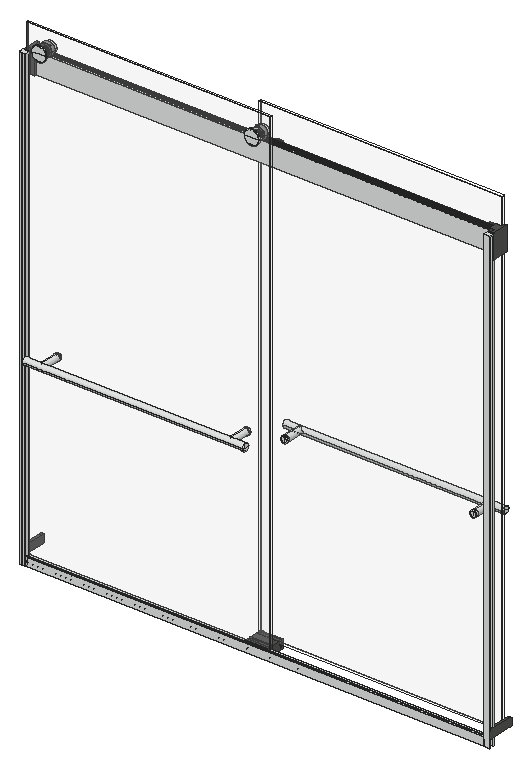
Revit family "Shower-Shower_Door-KOHLER-Levity_Plus-K-702426_1", category Specialty Equipment, host Face, Revit 2022 (continued)
Definition of nested family "K-702426"
  Dimensions and locks (in)
    aligned and locked: curve 100 to Revolve 19
    aligned and locked: curve 101 to Revolve 19
    aligned and locked: curve 92 to Masking region 4
    aligned and locked: curve 132 to Revolve 6
    aligned and locked: curve 133 to plane 28
    aligned and locked: curve 135 to Revolve 6
    aligned and locked: Masking region 3 to curve 95
    aligned and locked: curve 142 to Masking region 3
    aligned and locked: Masking region 3 to curve 143
    aligned and locked: Masking region 3 to curve 149
    aligned and locked: curve 159 to Masking region 3
    aligned and locked: Masking region 3 to curve 162  (x2)
    aligned and locked: curve 168 to Masking region 3
    aligned and locked: Revolve 29 sketch curve to Revolve 27  (x2)
    aligned and locked: Masking region 4 sketch curve to Extrusion 17
    aligned and locked: Masking region 4 to curve 181
    aligned and locked: Masking region 4 to curve 180
    aligned and locked: curve 181 to Masking region 4
    aligned and locked: curve 180 to Masking region 4
  Automatic sketch dimensions
    Extrusion 1 sketch curve to plane 5 = 0"
    Extrusion 1 sketch curve to Extrusion 1 sketch curve = 0.03079"
    plane 5 to Extrusion 1 sketch curve = 0.0315"
    Extrusion 1 sketch curve to Extrusion 1 sketch curve = 0.2541"
    Extrusion 1 sketch curve to Extrusion 1 sketch curve = 0.25668"
    plane 5 to Extrusion 1 sketch curve = 81/256"
    Extrusion 1 sketch curve to Extrusion 1 sketch curve = 0.0315"  (x2)
    Extrusion 1 sketch curve to Extrusion 1 sketch curve = 0.60218"
    Extrusion 1 sketch curve to Extrusion 1 sketch curve = 0.03039"
    Extrusion 1 sketch curve to plane 1 "Center (Front/Back)" = 0.35413"
    Extrusion 1 sketch curve to Extrusion 1 sketch curve = 0.47171"
    Extrusion 1 sketch curve to Extrusion 1 sketch curve = 1.10192"
    Extrusion 1 sketch curve to Extrusion 1 sketch curve = 0.00743"
    Extrusion 1 sketch curve to Extrusion 1 sketch curve = 0.34229"
    Extrusion 2 sketch curve to plane 5 = 0"  (x2)
    plane 1 "Center (Front/Back)" to Extrusion 2 sketch curve = 0"  (x2)
    plane 5 to Extrusion 2 sketch curve = 0.05752"  (x2)
    plane 5 to Extrusion 2 sketch curve = 0.18908"
    Extrusion 2 sketch curve to Extrusion 2 sketch curve = 0.04131"
    Extrusion 2 sketch curve to Extrusion 2 sketch curve = 0.09136"
    Extrusion 2 sketch curve to Extrusion 2 sketch curve = 0.19461"  (x2)
    Extrusion 2 sketch curve to Extrusion 2 sketch curve = 0.14115"  (x2)
    plane 1 "Center (Front/Back)" to Extrusion 2 sketch curve = 0.32797"
    Extrusion 2 sketch curve to Extrusion 2 sketch curve = 0.00361"  (x2)
    Extrusion 2 sketch curve to Extrusion 2 sketch curve = 0.10339"
    plane 1 "Center (Front/Back)" to Extrusion 2 sketch curve = 0.30702"
    Extrusion 2 sketch curve to Extrusion 2 sketch curve = 0.03454"  (x2)
    Extrusion 2 sketch curve to Extrusion 2 sketch curve = 0.01994"  (x2)
    Extrusion 2 sketch curve to Extrusion 2 sketch curve = 0.04271"  (x2)
    Extrusion 2 sketch curve to Extrusion 2 sketch curve = 0.06265"
    Extrusion 2 sketch curve to plane 1 "Center (Front/Back)" = 0.20982"
    Extrusion 2 sketch curve to Extrusion 2 sketch curve = 0"
    Extrusion 2 sketch curve to plane 1 "Center (Front/Back)" = 0.22464"
    Extrusion 3 sketch curve to plane 5 = 0"
    Extrusion 3 sketch curve to Extrusion 3 sketch curve = 0.05752"  (x2)
    plane 1 "Center (Front/Back)" to Extrusion 3 sketch curve = 0.32797"
    Extrusion 3 sketch curve to Extrusion 3 sketch curve = 0.59999"  (x2)
    Extrusion 3 sketch curve to Extrusion 3 sketch curve = 0.00361"  (x2)
    Extrusion 3 sketch curve to Extrusion 3 sketch curve = 0.10339"
    plane 1 "Center (Front/Back)" to Extrusion 3 sketch curve = 0.30702"
    Extrusion 3 sketch curve to Extrusion 3 sketch curve = 0.05449"  (x2)
    Extrusion 3 sketch curve to plane 1 "Center (Front/Back)" = 0.22464"
    Extrusion 3 sketch curve to plane 1 "Center (Front/Back)" = 0.25253"
    plane 1 "Center (Front/Back)" to Extrusion 4 sketch curve = 0.20982"
    Extrusion 4 sketch curve to Extrusion 4 sketch curve = 0.01972"
    Extrusion 4 sketch curve to Extrusion 4 sketch curve = 0.25882"
    level to Extrusion 4 sketch curve = 1.05663"
    Extrusion 4 sketch curve to Extrusion 4 sketch curve = 0.57809"
    Extrusion 5 sketch curve to level = 0"
    Extrusion 5 sketch curve to plane 1 "Center (Front/Back)" = 0"
    plane 1 "Center (Front/Back)" to Extrusion 5 sketch curve = 0.19878"
    Extrusion 5 sketch curve to plane 1 "Center (Front/Back)" = 3/128"
    Extrusion 5 sketch curve to Extrusion 5 sketch curve = 0.04434"
    Extrusion 5 sketch curve to Extrusion 5 sketch curve = 0.04019"
    Extrusion 5 sketch curve to Extrusion 5 sketch curve = 0.07819"
    Extrusion 5 sketch curve to Extrusion 5 sketch curve = 0.0297"
    Extrusion 5 sketch curve to Extrusion 5 sketch curve = 0.02696"
    level to Extrusion 5 sketch curve = 0.07959"
    Extrusion 5 sketch curve to plane 1 "Center (Front/Back)" = 0.14319"
    Extrusion 5 sketch curve to Extrusion 5 sketch curve = 0.05652"
    Extrusion 5 sketch curve to Extrusion 5 sketch curve = 0.06857"
    Extrusion 5 sketch curve to Extrusion 5 sketch curve = 0.02971"
    Extrusion 5 sketch curve to Extrusion 5 sketch curve = 0.03753"
    Extrusion 5 sketch curve to Extrusion 5 sketch curve = 0.02998"
    Extrusion 5 sketch curve to Extrusion 5 sketch curve = 45/128"
    Extrusion 5 sketch curve to Extrusion 5 sketch curve = 0.34333"
    Extrusion 5 sketch curve to Extrusion 5 sketch curve = 0.07224"
    Extrusion 5 sketch curve to Extrusion 5 sketch curve = 0.01101"
    Extrusion 5 sketch curve to Extrusion 5 sketch curve = 15/128"
    Extrusion 5 sketch curve to Extrusion 5 sketch curve = 0.50603"
    Extrusion 5 sketch curve to Extrusion 5 sketch curve = 0.00157"
    Extrusion 5 sketch curve to Extrusion 5 sketch curve = 0.02425"
    Extrusion 5 sketch curve to Extrusion 5 sketch curve = 0.01999"
    Extrusion 5 sketch curve to Extrusion 5 sketch curve = 0.04542"
    Extrusion 5 sketch curve to Extrusion 5 sketch curve = 0.01816"
    Revolve 6 sketch curve to plane 12 = 0"  (x2)
    Revolve 6 sketch curve to plane 1 "Center (Front/Back)" = 1.79905"
    Revolve 6 sketch curve to Revolve 6 sketch curve = 0.36643"
    Revolve 6 sketch curve to Revolve 6 sketch curve = 0.18701"  (x2)
    Revolve 6 sketch curve to Revolve 6 sketch curve = 0.13646"
    Revolve 6 sketch curve to Revolve 6 sketch curve = 0.19685"  (x2)
    Revolve 6 sketch curve to Revolve 6 sketch curve = 0.312"
    Revolve 6 sketch curve to plane 1 "Center (Front/Back)" = 0.06827"
    Revolve 6 sketch curve to plane 1 "Center (Front/Back)" = 0.02811"
    plane 1 "Center (Front/Back)" to Revolve 6 sketch curve = 0.09751"
    Revolve 6 sketch curve to Revolve 6 sketch curve = 0.04293"
    plane 12 to Revolve 6 sketch curve = 0.4638"
    plane 12 to Revolve 6 sketch curve = 0.47661"
    Revolve 6 sketch curve to Revolve 6 sketch curve = 0.05951"
    Revolve 6 sketch curve to Revolve 6 sketch curve = 0.21742"
    Revolve 6 sketch curve to Revolve 6 sketch curve = 0.26917"
    Revolve 6 sketch curve to Revolve 6 sketch curve = 0.05219"
    Revolve 6 sketch curve to Revolve 6 sketch curve = 0.23207"
    Revolve 6 sketch curve to Revolve 6 sketch curve = 0.00276"
    Revolve 6 sketch curve to Revolve 6 sketch curve = 0.04017"
    Revolve 6 sketch curve to Revolve 6 sketch curve = 0.98425"
    Revolve 6 sketch curve to Revolve 6 sketch curve = 0"
    Revolve 7 sketch curve to plane 11 = 0"  (x2)
    Revolve 7 sketch curve to plane 1 "Center (Front/Back)" = 1.79905"
    Revolve 7 sketch curve to Revolve 7 sketch curve = 0.36643"
    Revolve 7 sketch curve to Revolve 7 sketch curve = 0.18701"  (x2)
    Revolve 7 sketch curve to Revolve 7 sketch curve = 0.13646"
    Revolve 7 sketch curve to Revolve 7 sketch curve = 0.19685"  (x2)
    Revolve 7 sketch curve to Revolve 7 sketch curve = 0.35769"
    Revolve 7 sketch curve to plane 1 "Center (Front/Back)" = 0.06827"
    Revolve 7 sketch curve to plane 1 "Center (Front/Back)" = 0.02811"
    plane 1 "Center (Front/Back)" to Revolve 7 sketch curve = 0.09751"
    Revolve 7 sketch curve to Revolve 7 sketch curve = 0.04293"
    plane 11 to Revolve 7 sketch curve = 0.4638"
    plane 11 to Revolve 7 sketch curve = 0.47661"
    Revolve 7 sketch curve to Revolve 7 sketch curve = 0.05951"
    Revolve 7 sketch curve to Revolve 7 sketch curve = 0.21742"
    Revolve 7 sketch curve to Revolve 7 sketch curve = 0.26917"
    Revolve 7 sketch curve to Revolve 7 sketch curve = 0.05219"
    Revolve 7 sketch curve to Revolve 7 sketch curve = 0.23207"
    Revolve 7 sketch curve to Revolve 7 sketch curve = 0.00276"
    Revolve 7 sketch curve to Revolve 7 sketch curve = 0.04017"
    Revolve 7 sketch curve to Revolve 7 sketch curve = 0.98425"
    Revolve 7 sketch curve to Revolve 7 sketch curve = 0"
    Extrusion 8 sketch curve to plane 8 = 0"
    Extrusion 8 sketch curve to plane 9 = 0"  (x2)
    Extrusion 8 sketch curve to plane 1 "Center (Front/Back)" = 0.97838"
    Extrusion 8 sketch curve to plane 9 = 0.01983"
    Extrusion 8 sketch curve to Extrusion 8 sketch curve = 0.04771"
    Extrusion 8 sketch curve to plane 9 = 0.17086"
    Extrusion 8 sketch curve to Extrusion 8 sketch curve = 0.19946"
    Extrusion 8 sketch curve to Extrusion 8 sketch curve = 0.06749"
    Extrusion 8 sketch curve to Extrusion 8 sketch curve = 0.07625"
    Extrusion 8 sketch curve to plane 9 = 0.09209"
    Extrusion 8 sketch curve to Extrusion 8 sketch curve = 0.10945"
    Extrusion 8 sketch curve to Extrusion 8 sketch curve = 0.00724"
    Extrusion 8 sketch curve to Extrusion 8 sketch curve = 0.01781"
    Extrusion 8 sketch curve to Extrusion 8 sketch curve = 0.07472"
    plane 8 to Extrusion 8 sketch curve = 0.24844"
    Extrusion 8 sketch curve to Extrusion 8 sketch curve = 0.26709"
    Extrusion 8 sketch curve to Extrusion 8 sketch curve = 0.25238"
    Extrusion 8 sketch curve to Extrusion 8 sketch curve = 0.11432"
    Extrusion 8 sketch curve to Extrusion 8 sketch curve = 0.167"
    Extrusion 8 sketch curve to Extrusion 8 sketch curve = 0.38221"
    Extrusion 8 sketch curve to Extrusion 8 sketch curve = 0.02708"
    plane 8 to Extrusion 8 sketch curve = 0.06014"
    Extrusion 8 sketch curve to Extrusion 8 sketch curve = 0.03426"
    Extrusion 8 sketch curve to Extrusion 8 sketch curve = 0.04358"
    Extrusion 8 sketch curve to Extrusion 8 sketch curve = 0.05805"
    Extrusion 8 sketch curve to Extrusion 8 sketch curve = 0.04965"
    Extrusion 8 sketch curve to Extrusion 8 sketch curve = 0.03062"
    Extrusion 8 sketch curve to Extrusion 8 sketch curve = 0.27127"
    Extrusion 8 sketch curve to Extrusion 8 sketch curve = 0.01337"
    Extrusion 8 sketch curve to Extrusion 8 sketch curve = 1/8"
    Extrusion 8 sketch curve to Extrusion 8 sketch curve = 0.62317"
    Extrusion 8 sketch curve to Extrusion 8 sketch curve = 0.09894"
    Extrusion 8 sketch curve to Extrusion 8 sketch curve = 0.11003"
    Extrusion 8 sketch curve to Extrusion 8 sketch curve = 0.06863"
    Extrusion 8 sketch curve to Extrusion 8 sketch curve = 0.04403"
    Extrusion 8 sketch curve to Extrusion 8 sketch curve = 0.07343"
    Extrusion 8 sketch curve to Extrusion 8 sketch curve = 0.06223"
    Extrusion 10 sketch curve to level = 0"
    Extrusion 10 sketch curve to plane 1 "Center (Front/Back)" = 0.30693"
    Extrusion 10 sketch curve to Extrusion 10 sketch curve = 0.16911"
    Extrusion 10 sketch curve to Extrusion 10 sketch curve = 0.03435"
    Extrusion 10 sketch curve to Extrusion 10 sketch curve = 0.04675"
    Extrusion 10 sketch curve to Extrusion 10 sketch curve = 0.27567"
    Extrusion 10 sketch curve to Extrusion 10 sketch curve = 0.02104"  (x2)
    level to Extrusion 10 sketch curve = 0.22974"  (x2)
    Extrusion 10 sketch curve to Extrusion 10 sketch curve = 0.10752"
    Extrusion 10 sketch curve to Extrusion 10 sketch curve = 0.08964"  (x2)
    Extrusion 10 sketch curve to Extrusion 10 sketch curve = 0.18469"  (x2)
    level to Extrusion 10 sketch curve = 0.22333"  (x2)
    Extrusion 10 sketch curve to Extrusion 10 sketch curve = 0.08608"  (x2)
    Extrusion 10 sketch curve to plane 1 "Center (Front/Back)" = 0.99117"
    Extrusion 10 sketch curve to Extrusion 10 sketch curve = 0.41665"  (x2)
    Extrusion 10 sketch curve to Extrusion 10 sketch curve = 0.04608"  (x2)
    Extrusion 10 sketch curve to Extrusion 10 sketch curve = 1.03242"
    level to Extrusion 10 sketch curve = 1.02412"
    Extrusion 10 sketch curve to Extrusion 10 sketch curve = 0.04197"
    Extrusion 10 sketch curve to Extrusion 10 sketch curve = 0.13366"
    level to Extrusion 10 sketch curve = 1.04611"
    Extrusion 10 sketch curve to Extrusion 10 sketch curve = 0.02291"
    Extrusion 10 sketch curve to Extrusion 10 sketch curve = 0.2467"
    level to Extrusion 10 sketch curve = 0.08994"
    Extrusion 10 sketch curve to Extrusion 10 sketch curve = 0.03772"
    Extrusion 10 sketch curve to Extrusion 10 sketch curve = 0.08809"
    Extrusion 10 sketch curve to Extrusion 10 sketch curve = 0.08169"
    Extrusion 10 sketch curve to Extrusion 10 sketch curve = 0.79837"
    Extrusion 10 sketch curve to Extrusion 10 sketch curve = 0.00241"
    Extrusion 10 sketch curve to Extrusion 10 sketch curve = 0.0012"
    Extrusion 10 sketch curve to Extrusion 10 sketch curve = 0.02268"
    Extrusion 10 sketch curve to Extrusion 10 sketch curve = 0.02105"
    Extrusion 10 sketch curve to Extrusion 10 sketch curve = 0.00037"
    Extrusion 10 sketch curve to Extrusion 10 sketch curve = 1.18136"
    plane 16 "X" to Revolve 11 sketch curve = 0"  (x2)
    Revolve 11 sketch curve to plane 16 "X" = 0.60618"
    Revolve 11 sketch curve to Revolve 11 sketch curve = 0.05802"
    Revolve 11 sketch curve to Revolve 11 sketch curve = 0.12991"
    Revolve 11 sketch curve to Revolve 11 sketch curve = 0.23375"
    Revolve 11 sketch curve to Revolve 11 sketch curve = 0.00086"
    Revolve 11 sketch curve to Revolve 11 sketch curve = 0.04165"  (x2)
    Revolve 11 sketch curve to Revolve 11 sketch curve = 0.04078"
    Revolve 11 sketch curve to Revolve 11 sketch curve = 0.12631"
    Revolve 11 sketch curve to Revolve 11 sketch curve = 0.29364"
    Revolve 11 sketch curve to Revolve 11 sketch curve = 0.3614"
    Revolve 11 sketch curve to Revolve 11 sketch curve = 0.25664"
    Revolve 11 sketch curve to Revolve 11 sketch curve = 0.3937"
    Revolve 11 sketch curve to Revolve 11 sketch curve = 0.50511"
    plane 16 "X" to Revolve 12 sketch curve = 0"  (x2)
    Revolve 12 sketch curve to plane 16 "X" = 0.60618"
    Revolve 12 sketch curve to Revolve 12 sketch curve = 0.05802"
    Revolve 12 sketch curve to Revolve 12 sketch curve = 0.12991"
    Revolve 12 sketch curve to Revolve 12 sketch curve = 0.23375"
    Revolve 12 sketch curve to Revolve 12 sketch curve = 0.00086"
    Revolve 12 sketch curve to Revolve 12 sketch curve = 0.04165"  (x2)
    Revolve 12 sketch curve to Revolve 12 sketch curve = 0.04078"
    Revolve 12 sketch curve to Revolve 12 sketch curve = 0.12631"
    Revolve 12 sketch curve to Revolve 12 sketch curve = 0.29364"
    Revolve 12 sketch curve to Revolve 12 sketch curve = 0.3614"
    Revolve 12 sketch curve to Revolve 12 sketch curve = 0.25664"
    Revolve 12 sketch curve to Revolve 12 sketch curve = 0.3937"
    Revolve 12 sketch curve to Revolve 12 sketch curve = 0.50511"
    plane 1 "Center (Front/Back)" to Extrusion 14 sketch curve = 0.23901"
    Extrusion 14 sketch curve to Extrusion 14 sketch curve = 0.01972"
    Extrusion 14 sketch curve to Extrusion 14 sketch curve = 0.25882"
    level to Extrusion 14 sketch curve = 2.13263"
    Extrusion 14 sketch curve to Extrusion 14 sketch curve = 0.57809"
    Extrusion 18 sketch curve to plane 5 = 0"
    Extrusion 18 sketch curve to plane 1 "Center (Front/Back)" = 0.32797"
    plane 1 "Center (Front/Back)" to Extrusion 18 sketch curve = 0.32797"
    Extrusion 18 sketch curve to Extrusion 18 sketch curve = 0.76451"
    Revolve 19 sketch curve to plane 11 = 0"  (x2)
    Revolve 19 sketch curve to Revolve 19 sketch curve = 0.21424"
    Revolve 19 sketch curve to Revolve 19 sketch curve = 0.13646"
    Revolve 19 sketch curve to Revolve 19 sketch curve = 0.37402"
    Revolve 19 sketch curve to Revolve 19 sketch curve = 0.36643"
    Revolve 19 sketch curve to plane 1 "Center (Front/Back)" = 0.06827"
    plane 1 "Center (Front/Back)" to Revolve 19 sketch curve = 0.14044"
    plane 11 to Revolve 19 sketch curve = 0.53612"
    Revolve 19 sketch curve to Revolve 19 sketch curve = 0.12453"
    Revolve 19 sketch curve to Revolve 19 sketch curve = 0.15792"
    Revolve 19 sketch curve to Revolve 19 sketch curve = 0.07232"
    Revolve 19 sketch curve to Revolve 19 sketch curve = 0.05219"
    Revolve 19 sketch curve to Revolve 19 sketch curve = 0.275"
    Revolve 19 sketch curve to Revolve 19 sketch curve = 0.19685"
    Revolve 19 sketch curve to Revolve 19 sketch curve = 0.31118"
    Revolve 20 sketch curve to plane 12 = 0"  (x2)
    Revolve 20 sketch curve to plane 1 "Center (Front/Back)" = 1.79905"
    Revolve 20 sketch curve to Revolve 20 sketch curve = 0.36643"
    Revolve 20 sketch curve to Revolve 20 sketch curve = 0.37402"
    Revolve 20 sketch curve to Revolve 20 sketch curve = 0.13646"
    Revolve 20 sketch curve to Revolve 20 sketch curve = 0.19685"  (x2)
    Revolve 20 sketch curve to plane 1 "Center (Front/Back)" = 0.06827"
    plane 1 "Center (Front/Back)" to Revolve 20 sketch curve = 0.14044"
    plane 12 to Revolve 20 sketch curve = 0.53612"
    Revolve 20 sketch curve to Revolve 20 sketch curve = 0.12453"
    Revolve 20 sketch curve to Revolve 20 sketch curve = 0.15792"
    Revolve 20 sketch curve to Revolve 20 sketch curve = 0.07232"
    Revolve 20 sketch curve to Revolve 20 sketch curve = 0.05219"
    Revolve 20 sketch curve to Revolve 20 sketch curve = 0.275"
    Revolve 20 sketch curve to Revolve 20 sketch curve = 0.31118"
    Extrusion 21 sketch curve to plane 8 = 0"
    Extrusion 21 sketch curve to plane 9 = 0"
    Extrusion 21 sketch curve to plane 1 "Center (Front/Back)" = 0.97838"
    Extrusion 21 sketch curve to Extrusion 21 sketch curve = 0.94794"
    Revolve 22 sketch curve to plane 21 "N" = 0"  (x2)
    Revolve 22 sketch curve to plane 14 = 0"  (x2)
    Revolve 22 sketch curve to plane 1 "Center (Front/Back)" = 0.7253"
    Revolve 22 sketch curve to Revolve 22 sketch curve = 0.05298"
    Revolve 22 sketch curve to Revolve 22 sketch curve = 0.20844"
    Revolve 22 sketch curve to Revolve 22 sketch curve = 0.02858"
    plane 21 "N" to Revolve 22 sketch curve = 0.31094"
    Revolve 22 sketch curve to Revolve 22 sketch curve = 0.06877"
    plane 13 to Revolve 22 sketch curve = 0.14692"
    Revolve 23 sketch curve to plane 21 "N" = 0"  (x2)
    Revolve 23 sketch curve to plane 14 = 0"  (x2)
    Revolve 23 sketch curve to plane 1 "Center (Front/Back)" = 0.7253"
    Revolve 23 sketch curve to Revolve 23 sketch curve = 0.05298"
    Revolve 23 sketch curve to Revolve 23 sketch curve = 0.20844"
    Revolve 23 sketch curve to Revolve 23 sketch curve = 0.02858"
    plane 21 "N" to Revolve 23 sketch curve = 0.31094"
    Revolve 23 sketch curve to Revolve 23 sketch curve = 0.06877"
    plane 13 to Revolve 23 sketch curve = 0.14692"
    plane 14 to Revolve 24 sketch curve = 0"  (x2)
    Revolve 24 sketch curve to plane 23 = 0"
    plane 13 to Revolve 24 sketch curve = 0"
    Revolve 24 sketch curve to plane 22 = 0"
    Revolve 24 sketch curve to plane 23 = 0.05411"
    plane 22 to Revolve 24 sketch curve = 0.05259"
    Revolve 24 sketch curve to plane 13 = 0.05411"
    Revolve 24 sketch curve to plane 13 = 0.05259"
    plane 23 to Revolve 24 sketch curve = 0.08398"
    Revolve 24 sketch curve to Revolve 24 sketch curve = 0.13456"
    Revolve 25 sketch curve to plane 21 "N" = 0"  (x2)
    Revolve 25 sketch curve to Revolve 25 sketch curve = 0.02858"
    Revolve 25 sketch curve to Revolve 25 sketch curve = 0.20844"
    Revolve 25 sketch curve to Revolve 25 sketch curve = 0.05298"
    plane 21 "N" to Revolve 25 sketch curve = 0.31094"
    Revolve 25 sketch curve to Revolve 25 sketch curve = 0.06877"
    Revolve 25 sketch curve to Revolve 25 sketch curve = 0.59055"
    Revolve 25 sketch curve to Revolve 25 sketch curve = 0"
    Revolve 26 sketch curve to plane 21 "N" = 0"  (x2)
    Revolve 26 sketch curve to plane 1 "Center (Front/Back)" = 1.87663"
    Revolve 26 sketch curve to Revolve 26 sketch curve = 0.02858"
    Revolve 26 sketch curve to Revolve 26 sketch curve = 0.20844"
    Revolve 26 sketch curve to Revolve 26 sketch curve = 0.05298"
    plane 21 "N" to Revolve 26 sketch curve = 0.31094"
    Revolve 26 sketch curve to Revolve 26 sketch curve = 0.06877"
    Revolve 26 sketch curve to Revolve 26 sketch curve = 0.59055"
    Revolve 26 sketch curve to Revolve 26 sketch curve = 0"
    Revolve 27 sketch curve to Revolve 27 sketch curve = 0.05025"  (x2)
    Revolve 27 sketch curve to Revolve 27 sketch curve = 0.04962"  (x2)
    Revolve 27 sketch curve to Revolve 27 sketch curve = 0.14206"
    Revolve 27 sketch curve to Revolve 27 sketch curve = 0.19685"
    Extrusion 13 sketch curve to Extrusion 13 sketch curve = 0.10187"
    Extrusion 13 sketch curve to plane 18 = 0.03713"
    Extrusion 13 sketch curve to Extrusion 13 sketch curve = 0.20309"
    plane 18 to Extrusion 13 sketch curve = 0.05161"
    Extrusion 13 sketch curve to Extrusion 13 sketch curve = 0.06158"
    Extrusion 13 sketch curve to plane 6 = 0.21268"
    Extrusion 13 sketch curve to plane 1 "Center (Front/Back)" = 0.96774"
    Extrusion 13 sketch curve to Extrusion 13 sketch curve = 0.06723"
    plane 18 to Extrusion 13 sketch curve = 0.01208"
    Extrusion 13 sketch curve to Extrusion 13 sketch curve = 0.06013"
    Extrusion 13 sketch curve to plane 1 "Center (Front/Back)" = 0.37453"
    Extrusion 13 sketch curve to plane 18 = 0.03488"
    Extrusion 15 sketch curve to plane 7 = 0"
    Extrusion 15 sketch curve to plane 1 "Center (Front/Back)" = 0.32756"
    Extrusion 15 sketch curve to Extrusion 15 sketch curve = 0.07874"  (x2)
    plane 1 "Center (Front/Back)" to Extrusion 15 sketch curve = 0.23901"
    plane 6 to Extrusion 15 sketch curve = 0.07874"
    Extrusion 16 sketch curve to plane 6 = 0"
    Extrusion 16 sketch curve to plane 7 = 0"
    plane 1 "Center (Front/Back)" to Extrusion 16 sketch curve = 0.31775"
    Extrusion 16 sketch curve to plane 1 "Center (Front/Back)" = 0.32756"
    Masking region 2 sketch curve to plane 5 = 0"
    Masking region 2 sketch curve to plane 4 = 0"
    Masking region 2 sketch curve to level = 0"
    Masking region 2 sketch curve to plane 18 = 0"
    plane 5 to Masking region 2 sketch curve = 0.32149"
    plane 5 to Masking region 2 sketch curve = 0.32175"
    level to Masking region 2 sketch curve = 0.07959"
    Masking region 2 sketch curve to Masking region 2 sketch curve = 0.08036"
    plane 9 to Masking region 2 sketch curve = 0.25632"
    Masking region 4 sketch curve to plane 15 "C" = 0"
    Masking region 4 sketch curve to plane 6 = 0.56073"
    Masking region 4 sketch curve to Masking region 4 sketch curve = 0.0403"  (x2)
    Masking region 4 sketch curve to Masking region 4 sketch curve = 0.04117"  (x2)
    Masking region 4 sketch curve to plane 15 "C" = 0.72935"
    Masking region 4 sketch curve to Masking region 4 sketch curve = 0.06516"
    Masking region 4 sketch curve to Masking region 4 sketch curve = 0.05025"  (x4)
    Masking region 4 sketch curve to Masking region 4 sketch curve = 0.0719"
    Masking region 4 sketch curve to Masking region 4 sketch curve = 0.23375"
    Masking region 4 sketch curve to Masking region 4 sketch curve = 0.00086"
    Masking region 4 sketch curve to Masking region 4 sketch curve = 0.0409"  (x2)
    plane 25 "P" to Masking region 4 sketch curve = 0.39262"  (x2)
    Masking region 4 sketch curve to plane 25 "P" = 0.39262"  (x2)
    Masking region 4 sketch curve to plane 27 = 0.04206"
    Masking region 4 sketch curve to plane 27 = 0.04293"
    Masking region 4 sketch curve to Masking region 4 sketch curve = 0.04962"  (x4)
    Masking region 4 sketch curve to plane 26 = 0.04293"
    Masking region 4 sketch curve to plane 26 = 0.04206"
    Masking region 4 sketch curve to Masking region 4 sketch curve = 0.04206"  (x2)
    Masking region 4 sketch curve to Masking region 4 sketch curve = 0.04293"  (x2)
    Masking region 4 sketch curve to Masking region 4 sketch curve = 0.04176"
    Masking region 4 sketch curve to Masking region 4 sketch curve = 0"  (x3)
    Masking region 4 sketch curve to Masking region 4 sketch curve = 0.22422"  (x6)
    plane 13 to Revolve 28 sketch curve = 0"
    Revolve 28 sketch curve to plane 23 = 0"
    Revolve 28 sketch curve to plane 22 = 0"
    plane 14 to Revolve 28 sketch curve = 0"  (x2)
    Revolve 28 sketch curve to plane 5 = 1.71414"
    Revolve 28 sketch curve to Revolve 28 sketch curve = 2.75591"
    Revolve 29 sketch curve to plane 6 = 0.43799"
    Revolve 29 sketch curve to Revolve 29 sketch curve = 0"  (x2)
    Extrusion 4 sketch curve to plane 1 "Center (Front/Back)" = 2.917"
    Revolve 11 sketch curve to plane 1 "Center (Front/Back)" = 3.03171"
    Revolve 12 sketch curve to plane 1 "Center (Front/Back)" = 3.03171"
    Extrusion 13 sketch curve to Extrusion 13 sketch curve = 0.98126"
    Extrusion 14 sketch curve to plane 1 "Center (Front/Back)" = 2.917"
    Revolve 25 sketch curve to plane 1 "Center (Front/Back)" = 1.87663"
    Revolve 25 sketch curve to Revolve 25 sketch curve = 2.309"
    Revolve 26 sketch curve to Revolve 26 sketch curve = 2.309"
    Revolve 27 sketch curve to plane 1 "Center (Front/Back)" = 4.98031"
    Revolve 27 sketch curve to Revolve 27 sketch curve = 0.37525"
    Revolve 27 sketch curve to Revolve 27 sketch curve = 0"
    Masking region 4 sketch curve to Masking region 4 sketch curve = 1.09886"  (x2)
    Masking region 4 sketch curve to Masking region 4 sketch curve = 0.74924"
    Revolve 29 sketch curve to plane 1 "Center (Front/Back)" = 4.98031"
    Revolve 29 sketch curve to Revolve 29 sketch curve = 0.42487"
    Extrusion 9 sketch curve to plane 1 "Center (Front/Back)" = 0.70791"
    plane 5 to Extrusion 9 sketch curve = 0.32215"
    Extrusion 9 sketch curve to Extrusion 9 sketch curve = 0.06"  (x6)
    Extrusion 9 sketch curve to plane 3 "Center (Left/Right)" = 0.05125"  (x2)
    Extrusion 9 sketch curve to Extrusion 9 sketch curve = 0.261"
    plane 3 "Center (Left/Right)" to Extrusion 9 sketch curve = 0.00875"
    Revolve 19 sketch curve to Revolve 19 sketch curve = 0.63964"
    Extrusion 17 sketch curve to plane 30 = 2.08358"
    plane 26 to Extrusion 17 sketch curve = 1.0305"
    Extrusion 17 sketch curve to Extrusion 17 sketch curve = 0.06"  (x6)
    plane 18 to Extrusion 17 sketch curve = 0.06"  (x2)
    Extrusion 17 sketch curve to Extrusion 17 sketch curve = 0.261"
    Extrusion 17 sketch curve to plane 18 = 0"
    Masking region 4 sketch curve to Masking region 4 sketch curve = 0.29143"  (x3)
    Masking region 4 sketch curve to plane 26 = 0.20413"
    Masking region 4 sketch curve to Masking region 4 sketch curve = 0.261"
    Masking region 4 sketch curve to Masking region 4 sketch curve = 0.06"  (x6)
    Masking region 4 sketch curve to plane 27 = 0.20478"
    Masking region 4 sketch curve to Masking region 4 sketch curve = 0.381"  (x2)
    Masking region 4 sketch curve to Masking region 4 sketch curve = 0.51126"
    plane 18 to Masking region 4 sketch curve = 0.06"  (x2)
    Masking region 3 sketch curve to plane 22 = 0"
    plane 13 to Masking region 3 sketch curve = 0"
    Masking region 3 sketch curve to plane 23 = 0"
    Masking region 3 sketch curve to plane 6 = 0"  (x2)
    Masking region 3 sketch curve to plane 18 = 0"
    plane 5 to Masking region 3 sketch curve = 0.32153"
    plane 5 to Masking region 3 sketch curve = 0.32175"
    Masking region 3 sketch curve to Masking region 3 sketch curve = 0.0299"
    Masking region 3 sketch curve to Masking region 3 sketch curve = 0.06062"  (x2)
    Masking region 3 sketch curve to Masking region 3 sketch curve = 0.5712"
    Masking region 3 sketch curve to Masking region 3 sketch curve = 0.66199"
    Masking region 3 sketch curve to Masking region 3 sketch curve = 0.03039"
    Masking region 3 sketch curve to plane 22 = 0.24364"
    Masking region 3 sketch curve to plane 22 = 0.04679"
    plane 22 to Masking region 3 sketch curve = 0.05259"
    plane 22 to Masking region 3 sketch curve = 0.05321"
    Masking region 3 sketch curve to Masking region 3 sketch curve = 0.19685"
    Masking region 3 sketch curve to Masking region 3 sketch curve = 0.36958"
    Masking region 3 sketch curve to plane 19 "M" = 0.39355"
    Masking region 3 sketch curve to Masking region 3 sketch curve = 0.0158"
    Masking region 3 sketch curve to plane 19 "M" = 0.19033"
    plane 19 "M" to Masking region 3 sketch curve = 0.18598"
    Masking region 3 sketch curve to Masking region 3 sketch curve = 0.20667"
    plane 19 "M" to Masking region 3 sketch curve = 0.39355"
    Masking region 3 sketch curve to Masking region 3 sketch curve = 0.01547"
    Masking region 3 sketch curve to plane 23 = 0.05411"  (x2)
    Masking region 3 sketch curve to plane 3 "Center (Left/Right)" = 0.34077"  (x2)
    Masking region 3 sketch curve to plane 6 = 0.21183"
    Masking region 3 sketch curve to plane 6 = 0.20841"
    Masking region 3 sketch curve to Masking region 3 sketch curve = 0.05731"
    Masking region 3 sketch curve to Masking region 3 sketch curve = 17/256"
    plane 18 to Masking region 3 sketch curve = 0.06013"
    plane 18 to Masking region 3 sketch curve = 0.05161"
    Masking region 3 sketch curve to plane 18 = 0.04697"
    Masking region 3 sketch curve to plane 13 = 0.05259"
    Masking region 3 sketch curve to plane 13 = 0.05411"
    Masking region 3 sketch curve to plane 14 = 0.38952"
    Masking region 3 sketch curve to plane 14 = 0.39104"
    Masking region 3 sketch curve to plane 14 = 0.44363"
    Masking region 3 sketch curve to plane 14 = 0.44425"  (x2)
    plane 1 "Center (Front/Back)" to Masking region 3 sketch curve = 0.31775"
    plane 1 "Center (Front/Back)" to Masking region 3 sketch curve = 0.19878"  (x3)
    Masking region 3 sketch curve to plane 1 "Center (Front/Back)" = 0.32756"
    Masking region 3 sketch curve to plane 1 "Center (Front/Back)" = 0.5592"
    Masking region 3 sketch curve to plane 1 "Center (Front/Back)" = 0.64729"
    Masking region 3 sketch curve to Masking region 3 sketch curve = 0.08145"  (x2)
    Masking region 3 sketch curve to Masking region 3 sketch curve = 0.46585"
    Masking region 3 sketch curve to Masking region 3 sketch curve = 0.15103"
    Masking region 3 sketch curve to Masking region 3 sketch curve = 0.21424"  (x2)
    Masking region 3 sketch curve to Masking region 3 sketch curve = 0.06723"
    Masking region 3 sketch curve to Masking region 3 sketch curve = 0.18902"  (x2)
    Masking region 3 sketch curve to Masking region 3 sketch curve = 0.05623"
    Masking region 3 sketch curve to Masking region 3 sketch curve = 0.9481"  (x2)
    Masking region 3 sketch curve to Masking region 3 sketch curve = 0.02252"
    Masking region 3 sketch curve to Masking region 3 sketch curve = 0.09468"
    Masking region 3 sketch curve to Masking region 3 sketch curve = 0.01655"
    Masking region 3 sketch curve to Masking region 3 sketch curve = 0.00737"
    Masking region 3 sketch curve to Masking region 3 sketch curve = 0.86748"
    Masking region 3 sketch curve to Masking region 3 sketch curve = 1.14729"
    Masking region 3 sketch curve to Masking region 3 sketch curve = 1.07649"
    Masking region 3 sketch curve to Masking region 3 sketch curve = 0.02667"
    Masking region 3 sketch curve to Masking region 3 sketch curve = 0.08828"
    Masking region 3 sketch curve to Masking region 3 sketch curve = 0.07362"
    Masking region 3 sketch curve to Masking region 3 sketch curve = 0.27047"
    Masking region 3 sketch curve to plane 3 "Center (Left/Right)" = 0.05125"
    plane 3 "Center (Left/Right)" to Masking region 3 sketch curve = 0.00875"
    Masking region 3 sketch curve to Masking region 3 sketch curve = 0.06"
    Masking region 1 sketch curve to plane 4 = 0"  (x2)
    Masking region 1 sketch curve to plane 21 "N" = 0"  (x4)
    Masking region 1 sketch curve to level = 0"  (x2)
    plane 1 "Center (Front/Back)" to Masking region 1 sketch curve = 0.09747"
    Masking region 1 sketch curve to plane 10 "A" = 0.93569"
    Masking region 1 sketch curve to plane 1 "Center (Front/Back)" = 0.06827"
    Masking region 1 sketch curve to Masking region 1 sketch curve = 0.04099"
    plane 1 "Center (Front/Back)" to Masking region 1 sketch curve = 0.14044"
    Masking region 1 sketch curve to Masking region 1 sketch curve = 11/256"
    Masking region 1 sketch curve to plane 10 "A" = 0.74622"
    Masking region 1 sketch curve to Masking region 1 sketch curve = 0"  (x4)
    Masking region 1 sketch curve to Masking region 1 sketch curve = 0.01326"
    Masking region 1 sketch curve to Masking region 1 sketch curve = 0.05219"
    Masking region 1 sketch curve to Masking region 1 sketch curve = 0.19685"
    Masking region 1 sketch curve to Masking region 1 sketch curve = 0.04123"
    plane 9 to Masking region 1 sketch curve = 0.25632"
    plane 9 to Masking region 1 sketch curve = 0.21982"
    Masking region 1 sketch curve to plane 9 = 0.53937"
    Masking region 1 sketch curve to Masking region 1 sketch curve = 0.04078"  (x3)
    Masking region 1 sketch curve to Masking region 1 sketch curve = 0.04165"  (x3)
    Masking region 1 sketch curve to Masking region 1 sketch curve = 0.23375"
    plane 8 to Masking region 1 sketch curve = 0.4159"
    plane 8 to Masking region 1 sketch curve = 0.18215"
    plane 8 to Masking region 1 sketch curve = 0.18128"
    Masking region 1 sketch curve to plane 8 = 0.19502"
    Masking region 1 sketch curve to plane 1 "Center (Front/Back)" = 0.7253"  (x2)
    plane 21 "N" to Masking region 1 sketch curve = 8.03935"
    plane 21 "N" to Masking region 1 sketch curve = 0.41137"  (x2)
    Masking region 1 sketch curve to Masking region 1 sketch curve = 0.01032"
    Masking region 1 sketch curve to Masking region 1 sketch curve = 0.01592"  (x2)
    Masking region 1 sketch curve to Masking region 1 sketch curve = 0.0076"
    Masking region 1 sketch curve to plane 14 = 0.22956"
    plane 21 "N" to Masking region 1 sketch curve = 0.39345"
    Masking region 1 sketch curve to Masking region 1 sketch curve = 0.03133"  (x3)
    Masking region 1 sketch curve to Masking region 1 sketch curve = 0.14387"
    Masking region 1 sketch curve to Masking region 1 sketch curve = 0.13355"  (x2)
    Masking region 1 sketch curve to plane 21 "N" = 0.2675"  (x2)
    Masking region 1 sketch curve to Masking region 1 sketch curve = 0.11254"  (x2)
    Masking region 1 sketch curve to plane 21 "N" = 0.39345"  (x2)
    Masking region 1 sketch curve to Masking region 1 sketch curve = 0.12795"
    Masking region 1 sketch curve to Masking region 1 sketch curve = 4.05028"
    Masking region 1 sketch curve to plane 1 "Center (Front/Back)" = 0.99117"
    level to Masking region 1 sketch curve = 2.24921"
    Masking region 1 sketch curve to Masking region 1 sketch curve = 0.11658"
    Masking region 1 sketch curve to Masking region 1 sketch curve = 0.25882"
    Masking region 1 sketch curve to Masking region 1 sketch curve = 0.57809"
    Masking region 1 sketch curve to Masking region 1 sketch curve = 0.23909"
    level to Masking region 1 sketch curve = 1.05663"
    Masking region 1 sketch curve to Masking region 1 sketch curve = 0.03015"  (x3)
    Masking region 1 sketch curve to Masking region 1 sketch curve = 0.03251"
    Masking region 1 sketch curve to Masking region 1 sketch curve = 0.00241"
    Masking region 1 sketch curve to Masking region 1 sketch curve = 0.33649"
    Masking region 1 sketch curve to Masking region 1 sketch curve = 0.3219"
    level to Masking region 1 sketch curve = 0.2313"  (x2)
    Masking region 1 sketch curve to Masking region 1 sketch curve = 0.00156"  (x2)
    Masking region 1 sketch curve to Masking region 1 sketch curve = 0.00346"  (x2)
    Masking region 1 sketch curve to Masking region 1 sketch curve = 0.00451"  (x2)
    level to Masking region 1 sketch curve = 0.16201"
    Masking region 1 sketch curve to Masking region 1 sketch curve = 0.08966"
    Masking region 1 sketch curve to Masking region 1 sketch curve = 0.0862"
    Masking region 1 sketch curve to Masking region 1 sketch curve = 0.03435"
    Masking region 1 sketch curve to Masking region 1 sketch curve = 0.03772"
    level to Masking region 1 sketch curve = 0.08036"
    Masking region 1 sketch curve to Masking region 1 sketch curve = 0.01035"
    Masking region 1 sketch curve to Masking region 1 sketch curve = 0.18469"  (x2)
    Masking region 1 sketch curve to Masking region 1 sketch curve = 0.36992"
    Masking region 1 sketch curve to Masking region 1 sketch curve = 1.74045"
    Masking region 1 sketch curve to Masking region 1 sketch curve = 0.17689"
    Masking region 1 sketch curve to Masking region 1 sketch curve = 0.2467"
    Masking region 1 sketch curve to Masking region 1 sketch curve = 0.29143"  (x2)
    Masking region 1 sketch curve to Masking region 1 sketch curve = 0.38546"
    Masking region 1 sketch curve to Masking region 1 sketch curve = 0.12631"  (x2)
    Masking region 1 sketch curve to plane 30 = 0.15963"
    plane 30 to Masking region 1 sketch curve = 0.00043"
    Masking region 1 sketch curve to Masking region 1 sketch curve = 0.381"  (x3)
    Masking region 1 sketch curve to Masking region 1 sketch curve = 0.71407"
    Masking region 1 sketch curve to Masking region 1 sketch curve = 0.19286"
    Masking region 1 sketch curve to Masking region 1 sketch curve = 0.35149"
    Masking region 1 sketch curve to Masking region 1 sketch curve = 0.36643"
    Masking region 1 sketch curve to Masking region 1 sketch curve = 0.18701"
    Masking region 1 sketch curve to Masking region 1 sketch curve = 0.0752"
    Masking region 1 sketch curve to Masking region 1 sketch curve = 0.22419"
    Masking region 1 sketch curve to Masking region 1 sketch curve = 0.01285"
    Masking region 1 sketch curve to Masking region 1 sketch curve = 0.13646"
    Masking region 1 sketch curve to Masking region 1 sketch curve = 0.29499"
    Masking region 1 sketch curve to Masking region 1 sketch curve = 0.11595"
    Masking region 1 sketch curve to Masking region 1 sketch curve = 0.06077"
    Masking region 1 sketch curve to Masking region 1 sketch curve = 0.04675"
    Masking region 1 sketch curve to Masking region 1 sketch curve = 0.05319"
    Masking region 1 sketch curve to Masking region 1 sketch curve = 0.14848"
    Masking region 1 sketch curve to plane 1 "Center (Front/Back)" = 0.02728"
    plane 1 "Center (Front/Back)" to Masking region 1 sketch curve = 0.19878"
    Masking region 1 sketch curve to Masking region 1 sketch curve = 0.12925"
    plane 1 "Center (Front/Back)" to Masking region 1 sketch curve = 0.32803"
    Masking region 1 sketch curve to plane 14 = 0.02461"
    Masking region 1 sketch curve to Masking region 1 sketch curve = 0.01739"
    Masking region 1 sketch curve to Masking region 1 sketch curve = 0.21424"
    Masking region 1 sketch curve to Masking region 1 sketch curve = 0.23405"
    curve 53 to curve 54 = 0"  (x2)
    curve 57 to curve 58 = 0"  (x2)
    curve 57 to curve 59 = 0"  (x2)
    curve 58 to curve 59 = 0"  (x2)
    curve 58 to plane 21 "N" = 0"
    curve 198 to plane 4 = 0"
    curve 197 to plane 4 = 0"
    curve 194 to plane 4 = 0"
    curve 191 to plane 4 = 0"
    curve 54 to plane 21 "N" = 0"
    curve 52 to plane 21 "N" = 0"
    curve 58 to plane 14 = 0.02461"
    plane 30 to curve 54 = 0.00174"
    curve 53 to curve 52 = 0.00063"
    curve 57 to plane 13 = 0.0772"
    curve 59 to plane 14 = 0.22956"  (x2)
    plane 1 "Center (Front/Back)" to curve 56 = 0.32803"
    curve 188 to plane 1 "Center (Front/Back)" = 0.32691"
    curve 198 to plane 1 "Center (Front/Back)" = 0.38691"
    curve 196 to plane 1 "Center (Front/Back)" = 0.38691"
    curve 190 to plane 1 "Center (Front/Back)" = 0.38691"
    curve 196 to curve 195 = 0.261"
    curve 190 to curve 189 = 0.261"
    curve 198 to curve 197 = 0.261"
    curve 55 to plane 1 "Center (Front/Back)" = 0.7253"
    curve 50 to plane 21 "N" = 0.39262"
    curve 55 to curve 50 = 1.42524"
    curve 197 to curve 194 = 1.56263"
    level to curve 193 = 0.70459"
    curve 193 to curve 194 = 0"
    curve 194 to curve 191 = 0.261"
    curve 193 to curve 192 = 0.261"
    curve 50 to curve 51 = 0.381"
    curve 187 to plane 16 "X" = 0.66419"
    curve 187 to plane 30 = 2.02358"
    curve 54 to plane 30 = 0.37351"
    curve 52 to plane 30 = 0.15963"  (x2)
    curve 51 to curve 50 = 0.00084"
    curve 56 to plane 21 "N" = 0.39345"
    curve 59 to plane 21 "N" = 0.39345"
    curve 52 to plane 21 "N" = 0.39345"
    curve 55 to plane 21 "N" = 0.39545"
    curve 193 to curve 195 = 1.42805"
    curve 193 to curve 191 = 1.42805"
    curve 196 to curve 195 = 0"
    curve 194 to curve 191 = 0"
    level to curve 190 = 1.05663"
    curve 190 to curve 189 = 0"  (x2)
    curve 193 to curve 192 = 0.35205"
    curve 193 to curve 192 = 0"  (x2)
    curve 190 to curve 190 = 0.33649"
    plane 21 "N" to curve 56 = 0.39345"
    plane 21 "N" to curve 51 = 0.39345"
    curve 51 to curve 50 = 0.00133"
    plane 21 "N" to curve 55 = 0.39545"
    curve 195 to plane 8 = 0.19502"
    curve 196 to plane 8 = 0.19267"
    plane 8 to curve 187 = 0.4159"
    plane 9 to curve 197 = 0.21982"
    plane 9 to curve 198 = 0.22292"
    curve 198 to curve 188 = 0.01788"
    curve 188 to plane 10 "A" = 0.66065"
    plane 9 to curve 6 = 0.25632"
    curve 6 to curve 1 = 0.0365"
    plane 9 to curve 11 = 0.21982"
    curve 6 to curve 24 = 0.07332"
    curve 19 to plane 8 = 0.19502"
    curve 11 to plane 8 = 0.19502"
    level to curve 29 = 0.08036"
    curve 11 to plane 30 = 2.15274"
    curve 18 to plane 1 "Center (Front/Back)" = 0.4133"
    curve 1 to curve 19 = 0.05917"
    curve 29 to plane 1 "Center (Front/Back)" = 0.32756"
    curve 18 to curve 17 = 0.02657"
    curve 6 to curve 23 = 0.07503"
    plane 1 "Center (Front/Back)" to curve 20 = 0.20982"
    curve 20 to curve 24 = 0.06265"
    curve 4 to plane 10 "A" = 0.53612"
    curve 3 to curve 4 = 0"
    curve 7 to plane 1 "Center (Front/Back)" = 0.06827"
    curve 7 to plane 10 "A" = 0.66065"
    curve 2 to curve 3 = 0.15792"
    curve 5 to curve 4 = 0.19685"
    plane 1 "Center (Front/Back)" to curve 8 = 0.09747"
    curve 8 to curve 7 = 0.27504"
    curve 9 to plane 1 "Center (Front/Back)" = 0.02728"
    curve 9 to curve 8 = 0"
    curve 13 to plane 9 = 0.53937"
    curve 14 to curve 13 = 0"  (x2)
    curve 13 to curve 12 = 0.2754"
    plane 8 to curve 12 = 0.4159"
    plane 8 to curve 13 = 0.1405"
    level to curve 30 = 2.13263"
    curve 30 to curve 17 = 0"
    level to curve 25 = 1.05663"
    curve 25 to curve 26 = 0"
    curve 26 to curve 32 = 0"
    curve 32 to curve 28 = 0.33649"
    curve 27 to curve 27 = 0.35205"
    curve 20 to curve 24 = 0"
    curve 25 to plane 30 = 1.99343"
    curve 26 to curve 25 = 0.08844"
    curve 30 to curve 26 = 0.07414"
    curve 25 to curve 26 = 0.08844"
    curve 12 to curve 10 = 0.42059"
    curve 13 to curve 12 = 0.04165"
    curve 14 to curve 13 = 0.12631"
    curve 25 to curve 27 = 0.40007"
    curve 10 to curve 10 = 0.25183"
    curve 11 to curve 15 = 0.28963"
    curve 30 to curve 30 = 0.6917"
    curve 15 to curve 1 = 0.31369"
    curve 1 to curve 2 = 0.36643"
    curve 2 to curve 3 = 0.37402"
    curve 26 to curve 33 = 0.70866"
    curve 3 to curve 4 = 0.13646"
    curve 31 to curve 17 = 0.39774"
    curve 26 to curve 32 = 0.31092"
    curve 16 to curve 16 = 0.37117"
    curve 4 to curve 5 = 0.21424"
    curve 28 to curve 28 = 0.28179"
    curve 23 to curve 22 = 0.04271"
    curve 6 to curve 20 = 0.00657"
    plane 5 to Masking region 3 sketch curve = 0.76596"
    Masking region 3 sketch curve to plane 5 = 0"
    Masking region 3 sketch curve to Masking region 3 sketch curve = 0.12919"
    curve 79 to plane 7 = 0"
    curve 75 to plane 7 = 0"
    curve 78 to plane 18 = 0"
    curve 73 to plane 6 = 0"
    curve 85 to plane 29 = 0"
    curve 158 to plane 23 = 0"
    plane 13 to curve 161 = 0"
    curve 91 to plane 27 = 0"
    curve 90 to plane 27 = 0"
    curve 91 to plane 26 = 0"
    curve 90 to plane 26 = 0"
    curve 124 to plane 5 = 0"
    curve 199 to plane 5 = 0"
    curve 201 to plane 5 = 0"
    curve 88 to plane 29 = 0"
    curve 75 to plane 18 = 0.139"
    plane 18 to curve 78 = 0.05161"
    plane 3 "Center (Left/Right)" to curve 186 = 0.00875"
    curve 185 to plane 3 "Center (Left/Right)" = 0.05125"
    curve 140 to plane 1 "Center (Front/Back)" = 0.02811"
    plane 23 to curve 140 = 0.42498"
    curve 138 to curve 135 = 0.04017"
    curve 137 to curve 139 = 0.04293"
    plane 23 to curve 156 = 0.29662"
    curve 154 to curve 148 = 0.07433"
    plane 23 to curve 153 = 0.18336"
    plane 28 to curve 132 = 0.04293"
    plane 28 to curve 135 = 0.04017"
    plane 1 "Center (Front/Back)" to curve 120 = 0.09751"
    curve 120 to plane 19 "M" = 0.57502"
    curve 111 to curve 113 = 0.04017"
    curve 110 to curve 112 = 0.04293"
    curve 101 to plane 11 = 0.74622"
    curve 100 to curve 101 = 0"
    curve 106 to curve 104 = 0.05219"
    curve 113 to curve 184 = 0.23484"
    curve 104 to curve 106 = 0.29542"
    plane 22 to curve 105 = 0.01661"
    curve 99 to plane 22 = 0.20471"
    curve 103 to curve 100 = 0.05219"
    curve 101 to plane 22 = 0.2569"
    plane 1 "Center (Front/Back)" to curve 112 = 0.14044"
    curve 112 to plane 22 = 0.4034"
    curve 116 to plane 1 "Center (Front/Back)" = 0.06827"
    curve 112 to curve 116 = 0.00276"
    curve 112 to curve 114 = 0.04293"
    curve 109 to plane 1 "Center (Front/Back)" = 0.30336"
    curve 111 to curve 109 = 0.61314"
    plane 5 to curve 182 = 0.38215"
    curve 182 to curve 125 = 0.06062"
    curve 126 to curve 123 = 0.03335"
    plane 5 to curve 202 = 0.29025"
    plane 5 to curve 124 = 0.0315"
    plane 5 to curve 201 = 0.03079"
    curve 75 to plane 30 = 2.15083"
    curve 200 to curve 99 = 0.60332"
    curve 200 to curve 202 = 0.0315"
    curve 76 to curve 77 = 0.20309"
    curve 153 to curve 145 = 1.73078"
    curve 150 to curve 156 = 0.36643"
    curve 151 to curve 154 = 0.37402"
    curve 154 to curve 146 = 0.13646"
    curve 125 to curve 199 = 0.08576"
    curve 126 to curve 126 = 0.0016"
    curve 185 to plane 1 "Center (Front/Back)" = 0.38691"
    curve 118 to curve 118 = 0.25864"
    curve 120 to plane 1 "Center (Front/Back)" = 0.02811"
    curve 133 to curve 132 = 0.04293"
    curve 79 to plane 18 = 0.03488"
    curve 179 to plane 6 = 0.21183"
    curve 83 to plane 6 = 0.56073"
    curve 84 to curve 83 = 0"  (x2)
    curve 74 to curve 80 = 0.55866"
    curve 84 to curve 82 = 0.27492"
    curve 81 to curve 82 = 0"
    curve 85 to plane 15 "C" = 0.42105"
    plane 15 "C" to curve 81 = 0.66419"
    curve 82 to curve 81 = 0"
    curve 81 to curve 80 = 0.0719"
    curve 82 to curve 83 = 0.27552"
    plane 25 "P" to curve 87 = 0.39262"
    curve 86 to curve 87 = 0"  (x2)
    plane 25 "P" to curve 164 = 0.39262"
    curve 87 to plane 25 "P" = 0.39262"
    curve 164 to plane 25 "P" = 0.39262"
    curve 95 to curve 97 = 0"
    curve 149 to plane 3 "Center (Left/Right)" = 0.34077"
    curve 160 to curve 149 = 0"
    plane 23 to curve 176 = 0.14998"
    curve 161 to plane 23 = 0.05411"
    plane 19 "M" to curve 127 = 0.40812"
    curve 127 to curve 128 = 0.01394"
    curve 128 to curve 131 = 0.00064"
    plane 19 "M" to curve 163 = 0.39355"
    curve 130 to curve 110 = 0.18147"
    curve 163 to plane 19 "M" = 0.39355"
    curve 130 to curve 128 = 0.00064"
    curve 128 to curve 127 = 0.01394"
    curve 101 to curve 122 = 0.01326"
    curve 101 to curve 102 = 0.01326"
    curve 101 to curve 108 = 0.21011"
    curve 98 to plane 13 = 0.00149"
    plane 22 to curve 98 = 0.05321"
    curve 107 to plane 22 = 0.04679"
    curve 117 to plane 22 = 0.17132"
    curve 102 to curve 105 = 0.01326"
    curve 122 to curve 102 = 0"
    curve 101 to curve 171 = 0.05782"
    curve 169 to curve 169 = 0.63697"
    curve 183 to curve 125 = 0.00062"
    curve 88 to plane 30 = 0.42454"
    curve 89 to plane 30 = 0.42454"
    curve 164 to plane 30 = 0.42454"
    curve 85 to plane 30 = 0.42454"
    curve 83 to curve 76 = 0.689"
    curve 164 to curve 83 = 1.13976"
    curve 89 to curve 90 = 1.14093"
    curve 90 to curve 91 = 0.12376"
    curve 83 to curve 84 = 0.12608"
    curve 83 to curve 84 = 0.12727"
    curve 91 to curve 92 = 0.04293"
    curve 84 to curve 82 = 0.04176"
    curve 96 to curve 150 = 0.79741"
    curve 82 to curve 81 = 0.29143"
    curve 91 to curve 181 = 0.33435"
    curve 92 to curve 93 = 0.29143"
    curve 84 to curve 86 = 0.33319"
    curve 86 to curve 87 = 0.381"
    curve 81 to curve 80 = 0.381"
    curve 93 to curve 94 = 0.381"
    curve 94 to curve 180 = 0"
    curve 97 to curve 150 = 0.28363"
    curve 80 to curve 74 = 0.21171"
    curve 97 to curve 95 = 0.15621"
    curve 129 to curve 99 = 0.12742"
    curve 129 to curve 169 = 0.22673"
    curve 150 to curve 172 = 0.09931"
    curve 74 to curve 177 = 0.23908"
    curve 170 to curve 103 = 0.0198"
    curve 178 to curve 153 = 0.01885"
    curve 173 to curve 152 = 0.01474"
    curve 151 to curve 174 = 0.18701"
    curve 178 to curve 179 = 0.20586"
    curve 154 to curve 168 = 0.08023"
    curve 106 to curve 127 = 0.08023"
    curve 107 to curve 107 = 0.08023"
    curve 171 to curve 129 = 0.267"
    curve 179 to curve 74 = 0.26724"
    curve 160 to curve 158 = 0.05623"
    curve 108 to curve 108 = 0.08023"
    curve 105 to curve 102 = 0.13646"
    curve 102 to curve 122 = 0.21424"
    curve 168 to curve 168 = 0.27047"
    curve 127 to curve 128 = 0.27047"
    curve 125 to curve 125 = 0.26195"
    curve 186 to curve 185 = 0.17229"
    curve 125 to curve 183 = 0.00221"
    curve 73 to plane 1 "Center (Front/Back)" = 0.32756"
    curve 79 to plane 1 "Center (Front/Back)" = 0.32756"
    curve 73 to curve 176 = 0.13128"
    curve 131 to curve 167 = 0.13124"
    curve 143 to curve 175 = 0.13124"
    curve 165 to curve 117 = 0.1274"
    curve 166 to curve 118 = 0.1274"
    plane 1 "Center (Front/Back)" to curve 130 = 0.19878"
    plane 1 "Center (Front/Back)" to curve 131 = 0.19878"
    plane 1 "Center (Front/Back)" to curve 109 = 0.19878"
    curve 133 to curve 143 = 0.10127"
    plane 1 "Center (Front/Back)" to curve 142 = 0.19878"
    plane 1 "Center (Front/Back)" to curve 73 = 0.19878"
    curve 162 to plane 14 = 0.44425"
    curve 163 to plane 14 = 0.44425"
    curve 98 to plane 14 = 0.44425"
    curve 161 to plane 14 = 0.44363"
    curve 38 to curve 39 = 0"  (x2)
    curve 40 to curve 41 = 0"  (x2)
    curve 61 to plane 22 = 0"
    curve 38 to plane 10 "A" = 0"
    plane 11 to curve 38 = 0"
    curve 41 to plane 10 "A" = 0"
    plane 12 to curve 41 = 0"
    curve 63 to plane 23 = 0"
    curve 42 to plane 3 "Center (Left/Right)" = 0"
    curve 60 to plane 21 "N" = 0"
    curve 60 to plane 25 "P" = 0"
    curve 48 to plane 9 = 0"
    curve 49 to plane 8 = 0"
    curve 46 to plane 6 = 0"
    curve 43 to plane 18 = 0"
    curve 47 to plane 7 = 0"
    curve 66 to plane 21 "N" = 0"
    curve 64 to plane 21 "N" = 0"
    curve 42 to plane 4 = 0"
    plane 9 to curve 34 = 0.25632"
    plane 5 to curve 34 = 0.76451"
    plane 22 to curve 71 = 0.05259"
    curve 68 to plane 23 = 0.05438"
    curve 45 to curve 45 = 0.21268"
    curve 69 to plane 21 "N" = 0.38933"
    curve 70 to curve 61 = 0.39112"
    curve 67 to curve 66 = 0.05259"
    level to curve 36 = 0.08036"
    curve 64 to curve 64 = 0.38933"
    plane 21 "N" to curve 65 = 0.39112"
    curve 63 to curve 62 = 0.05438"
    curve 44 to curve 49 = 0.19647"
    plane 9 to curve 47 = 0.13266"
    plane 5 to curve 36 = 0.32175"
    plane 5 to curve 34 = 0.32149"
    level to curve 37 = 1.04703"
    level to curve 46 = 0.07959"
    radius of curve 38 = 0.93903"
    radius of curve 39 = 0.89273"
    radius of curve 40 = 0.93903"
    radius of curve 41 = 0.89273"
    radius of curve 60 = 0.39262"
Types (5): name | Width | Walk Thru | Type | Model | Finish
  (no name) | 59 167/256" | 27 143/256" | 1 | "K-702426-L-SHP" | Kohler-Metal-SHP-Bright_Polished_Silver
  SHP-Bright Polished Silver | 59 167/256" | 27 143/256" | 1 | "K-702426-L-SHP" | Kohler-Metal-SHP-Bright_Polished_Silver
  BNK-Anodized Brushed Nickel | 59.65281" | 27.55906" | 2 | "K-702426-L-BNK" | Kohler-Metal-BNK-Anodized_Brushed_Nickel
  BL-Matte Black | 59.65281" | 27.55906" | 3 | "K-702426-L-BL" | Kohler-Metal-BL-Matte_Black
  2MB-Vibrant Brushed Moderne Brass | 59.65281" | 27.55906" | 4 | "K-702426-L-2MB" | Kohler-Metal-2MB-Vibrant_Brushed_Moderne_Brass
